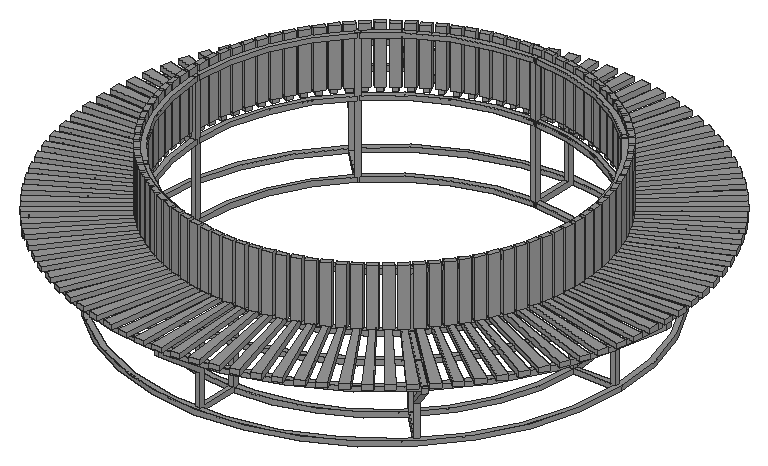
Revit family "Скамейка стальная «Диван круглый» Арт 11354", category Антураж, Revit 2018 (continued)
Definition of nested family "Скамейка стальная «Диван круглый» Арт 11354 R1000"
  Forms (mm)
    Extrusion 51, solid, material <- "Цыет лавки"
      sketch origin (1937.495, 351.928, 0) x (0.187381, 0.982287, 0) y (-0.982287, 0.187381, 0)
        loop
          line (1050, 2150) -> (1061.406, 1659.557) -> (1088.594, 1659.557) -> (1100, 2150) -> (1050, 2150)
      from 415 to 440
    Extrusion 52, solid, material <- "Цыет лавки"
      sketch origin (1937.495, 351.928, 0) x (0.187381, 0.982287, 0) y (-0.982287, 0.187381, 0)
        loop
          line (1050, 1674.557) -> (1050, 1649.557) -> (1100, 1649.557) -> (1100, 1674.557) -> (1050, 1674.557)
      from 440 to 745
    Extrusion 53, solid, material <- "Цыет лавки"
      sketch origin (2010.338, 380.143, 0) x (0.125333, 0.992115, 0) y (-0.992115, 0.125333, 0)
        loop
          line (1050, 2150) -> (1061.406, 1659.557) -> (1088.594, 1659.557) -> (1100, 2150) -> (1050, 2150)
      from 415 to 440
    Extrusion 54, solid, material <- "Цыет лавки"
      sketch origin (2010.338, 380.143, 0) x (0.125333, 0.992115, 0) y (-0.992115, 0.125333, 0)
        loop
          line (1050, 1674.557) -> (1050, 1649.557) -> (1100, 1649.557) -> (1100, 1674.557) -> (1050, 1674.557)
      from 440 to 745
    Extrusion 55, solid, material <- "Цыет лавки"
      sketch origin (2081.267, 412.877, 0) x (0.062791, 0.998027, 0) y (-0.998027, 0.062791, 0)
        loop
          line (1050, 2150) -> (1061.406, 1659.557) -> (1088.594, 1659.557) -> (1100, 2150) -> (1050, 2150)
      from 415 to 440
    Extrusion 56, solid, material <- "Цыет лавки"
      sketch origin (2081.267, 412.877, 0) x (0.062791, 0.998027, 0) y (-0.998027, 0.062791, 0)
        loop
          line (1050, 1674.557) -> (1050, 1649.557) -> (1100, 1649.557) -> (1100, 1674.557) -> (1050, 1674.557)
      from 440 to 745
    Extrusion 57, solid, material <- "Цыет лавки"
      sketch origin (2150, 450, 0) x (0, 1, 0) y (-1, 0, 0)
        loop
          line (1050, 2150) -> (1061.406, 1659.557) -> (1088.594, 1659.557) -> (1100, 2150) -> (1050, 2150)
      from 415 to 440
    Extrusion 58, solid, material <- "Цыет лавки"
      sketch origin (2150, 450, 0) x (0, 1, 0) y (-1, 0, 0)
        loop
          line (1050, 1674.557) -> (1050, 1649.557) -> (1100, 1649.557) -> (1100, 1674.557) -> (1050, 1674.557)
      from 440 to 745
    Extrusion 59, solid, material <- "Цыет лавки"
      sketch origin (2216.267, 491.365, 0) x (-0.062791, 0.998027, 0) y (-0.998027, -0.062791, 0)
        loop
          line (1050, 2150) -> (1061.406, 1659.557) -> (1088.594, 1659.557) -> (1100, 2150) -> (1050, 2150)
      from 415 to 440
    Extrusion 60, solid, material <- "Цыет лавки"
      sketch origin (2216.267, 491.365, 0) x (-0.062791, 0.998027, 0) y (-0.998027, -0.062791, 0)
        loop
          line (1050, 1674.557) -> (1050, 1649.557) -> (1100, 1649.557) -> (1100, 1674.557) -> (1050, 1674.557)
      from 440 to 745
    Extrusion 61, solid, material <- "Цыет лавки"
      sketch origin (2279.805, 536.81, 0) x (-0.125333, 0.992115, 0) y (-0.992115, -0.125333, 0)
        loop
          line (1050, 2150) -> (1061.406, 1659.557) -> (1088.594, 1659.557) -> (1100, 2150) -> (1050, 2150)
      from 415 to 440
    Extrusion 62, solid, material <- "Цыет лавки"
      sketch origin (2279.805, 536.81, 0) x (-0.125333, 0.992115, 0) y (-0.992115, -0.125333, 0)
        loop
          line (1050, 1674.557) -> (1050, 1649.557) -> (1100, 1649.557) -> (1100, 1674.557) -> (1050, 1674.557)
      from 440 to 745
    Extrusion 63, solid, material <- "Цыет лавки"
      sketch origin (2340.364, 586.155, 0) x (-0.187381, 0.982287, 0) y (-0.982287, -0.187381, 0)
        loop
          line (1050, 2150) -> (1061.406, 1659.557) -> (1088.594, 1659.557) -> (1100, 2150) -> (1050, 2150)
      from 415 to 440
    Extrusion 64, solid, material <- "Цыет лавки"
      sketch origin (2340.364, 586.155, 0) x (-0.187381, 0.982287, 0) y (-0.982287, -0.187381, 0)
        loop
          line (1050, 1674.557) -> (1050, 1649.557) -> (1100, 1649.557) -> (1100, 1674.557) -> (1050, 1674.557)
      from 440 to 745
    Extrusion 65, solid, material <- "Цыет лавки"
      sketch origin (2397.706, 639.204, 0) x (-0.24869, 0.968583, 0) y (-0.968583, -0.24869, 0)
        loop
          line (1050, 2150) -> (1061.406, 1659.557) -> (1088.594, 1659.557) -> (1100, 2150) -> (1050, 2150)
      from 415 to 440
    Extrusion 66, solid, material <- "Цыет лавки"
      sketch origin (2397.706, 639.204, 0) x (-0.24869, 0.968583, 0) y (-0.968583, -0.24869, 0)
        loop
          line (1050, 1674.557) -> (1050, 1649.557) -> (1100, 1649.557) -> (1100, 1674.557) -> (1050, 1674.557)
      from 440 to 745
    Extrusion 67, solid, material <- "Цыет лавки"
      sketch origin (2451.604, 695.75, 0) x (-0.309017, 0.951057, 0) y (-0.951057, -0.309017, 0)
        loop
          line (1050, 2150) -> (1061.406, 1659.557) -> (1088.594, 1659.557) -> (1100, 2150) -> (1050, 2150)
      from 415 to 440
    Extrusion 68, solid, material <- "Цыет лавки"
      sketch origin (2451.604, 695.75, 0) x (-0.309017, 0.951057, 0) y (-0.951057, -0.309017, 0)
        loop
          line (1050, 1674.557) -> (1050, 1649.557) -> (1100, 1649.557) -> (1100, 1674.557) -> (1050, 1674.557)
      from 440 to 745
    Extrusion 69, solid, material <- "Цыет лавки"
      sketch origin (2501.844, 755.568, 0) x (-0.368125, 0.929776, 0) y (-0.929776, -0.368125, 0)
        loop
          line (1050, 2150) -> (1061.406, 1659.557) -> (1088.594, 1659.557) -> (1100, 2150) -> (1050, 2150)
      from 415 to 440
    Extrusion 70, solid, material <- "Цыет лавки"
      sketch origin (2501.844, 755.568, 0) x (-0.368125, 0.929776, 0) y (-0.929776, -0.368125, 0)
        loop
          line (1050, 1674.557) -> (1050, 1649.557) -> (1100, 1649.557) -> (1100, 1674.557) -> (1050, 1674.557)
      from 440 to 745
    Extrusion 71, solid, material <- "Цыет лавки"
      sketch origin (2548.23, 818.423, 0) x (-0.425779, 0.904827, 0) y (-0.904827, -0.425779, 0)
        loop
          line (1050, 2150) -> (1061.406, 1659.557) -> (1088.594, 1659.557) -> (1100, 2150) -> (1050, 2150)
      from 415 to 440
    Extrusion 72, solid, material <- "Цыет лавки"
      sketch origin (2548.23, 818.423, 0) x (-0.425779, 0.904827, 0) y (-0.904827, -0.425779, 0)
        loop
          line (1050, 1674.557) -> (1050, 1649.557) -> (1100, 1649.557) -> (1100, 1674.557) -> (1050, 1674.557)
      from 440 to 745
    Extrusion 73, solid, material <- "Цыет лавки"
      sketch origin (2590.577, 884.066, 0) x (-0.481754, 0.876307, 0) y (-0.876307, -0.481754, 0)
        loop
          line (1050, 2150) -> (1061.406, 1659.557) -> (1088.594, 1659.557) -> (1100, 2150) -> (1050, 2150)
      from 415 to 440
    Extrusion 74, solid, material <- "Цыет лавки"
      sketch origin (2590.577, 884.066, 0) x (-0.481754, 0.876307, 0) y (-0.876307, -0.481754, 0)
        loop
          line (1050, 1674.557) -> (1050, 1649.557) -> (1100, 1649.557) -> (1100, 1674.557) -> (1050, 1674.557)
      from 440 to 745
    Extrusion 75, solid, material <- "Цыет лавки"
      sketch origin (2628.719, 952.239, 0) x (-0.535827, 0.844328, 0) y (-0.844328, -0.535827, 0)
        loop
          line (1050, 2150) -> (1061.406, 1659.557) -> (1088.594, 1659.557) -> (1100, 2150) -> (1050, 2150)
      from 415 to 440
    Extrusion 76, solid, material <- "Цыет лавки"
      sketch origin (2628.719, 952.239, 0) x (-0.535827, 0.844328, 0) y (-0.844328, -0.535827, 0)
        loop
          line (1050, 1674.557) -> (1050, 1649.557) -> (1100, 1649.557) -> (1100, 1674.557) -> (1050, 1674.557)
      from 440 to 745
    Extrusion 77, solid, material <- "Цыет лавки"
      sketch origin (2662.505, 1022.673, 0) x (-0.587785, 0.809017, 0) y (-0.809017, -0.587785, 0)
        loop
          line (1050, 2150) -> (1061.406, 1659.557) -> (1088.594, 1659.557) -> (1100, 2150) -> (1050, 2150)
      from 415 to 440
    Extrusion 78, solid, material <- "Цыет лавки"
      sketch origin (2662.505, 1022.673, 0) x (-0.587785, 0.809017, 0) y (-0.809017, -0.587785, 0)
        loop
          line (1050, 1674.557) -> (1050, 1649.557) -> (1100, 1649.557) -> (1100, 1674.557) -> (1050, 1674.557)
      from 440 to 745
    Extrusion 79, solid, material <- "Цыет лавки"
      sketch origin (2691.802, 1095.088, 0) x (-0.637424, 0.770513, 0) y (-0.770513, -0.637424, 0)
        loop
          line (1050, 2150) -> (1061.406, 1659.557) -> (1088.594, 1659.557) -> (1100, 2150) -> (1050, 2150)
      from 415 to 440
    Extrusion 80, solid, material <- "Цыет лавки"
      sketch origin (2691.802, 1095.088, 0) x (-0.637424, 0.770513, 0) y (-0.770513, -0.637424, 0)
        loop
          line (1050, 1674.557) -> (1050, 1649.557) -> (1100, 1649.557) -> (1100, 1674.557) -> (1050, 1674.557)
      from 440 to 745
    Extrusion 81, solid, material <- "Цыет лавки"
      sketch origin (2716.494, 1169.201, 0) x (-0.684547, 0.728969, 0) y (-0.728969, -0.684547, 0)
        loop
          line (1050, 2150) -> (1061.406, 1659.557) -> (1088.594, 1659.557) -> (1100, 2150) -> (1050, 2150)
      from 415 to 440
    Extrusion 82, solid, material <- "Цыет лавки"
      sketch origin (2716.494, 1169.201, 0) x (-0.684547, 0.728969, 0) y (-0.728969, -0.684547, 0)
        loop
          line (1050, 1674.557) -> (1050, 1649.557) -> (1100, 1649.557) -> (1100, 1674.557) -> (1050, 1674.557)
      from 440 to 745
    Extrusion 83, solid, material <- "Цыет лавки"
      sketch origin (2736.483, 1244.717, 0) x (-0.728969, 0.684547, 0) y (-0.684547, -0.728969, 0)
        loop
          line (1050, 2150) -> (1061.406, 1659.557) -> (1088.594, 1659.557) -> (1100, 2150) -> (1050, 2150)
      from 415 to 440
    Extrusion 84, solid, material <- "Цыет лавки"
      sketch origin (2736.483, 1244.717, 0) x (-0.728969, 0.684547, 0) y (-0.684547, -0.728969, 0)
        loop
          line (1050, 1674.557) -> (1050, 1649.557) -> (1100, 1649.557) -> (1100, 1674.557) -> (1050, 1674.557)
      from 440 to 745
    Extrusion 85, solid, material <- "Цыет лавки"
      sketch origin (2751.692, 1321.34, 0) x (-0.770513, 0.637424, 0) y (-0.637424, -0.770513, 0)
        loop
          line (1050, 2150) -> (1061.406, 1659.557) -> (1088.594, 1659.557) -> (1100, 2150) -> (1050, 2150)
      from 415 to 440
    Extrusion 86, solid, material <- "Цыет лавки"
      sketch origin (2751.692, 1321.34, 0) x (-0.770513, 0.637424, 0) y (-0.637424, -0.770513, 0)
        loop
          line (1050, 1674.557) -> (1050, 1649.557) -> (1100, 1649.557) -> (1100, 1674.557) -> (1050, 1674.557)
      from 440 to 745
    Extrusion 87, solid, material <- "Цыет лавки"
      sketch origin (2762.059, 1398.766, 0) x (-0.809017, 0.587785, 0) y (-0.587785, -0.809017, 0)
        loop
          line (1050, 2150) -> (1061.406, 1659.557) -> (1088.594, 1659.557) -> (1100, 2150) -> (1050, 2150)
      from 415 to 440
    Extrusion 88, solid, material <- "Цыет лавки"
      sketch origin (2762.059, 1398.766, 0) x (-0.809017, 0.587785, 0) y (-0.587785, -0.809017, 0)
        loop
          line (1050, 1674.557) -> (1050, 1649.557) -> (1100, 1649.557) -> (1100, 1674.557) -> (1050, 1674.557)
      from 440 to 745
    Extrusion 89, solid, material <- "Цыет лавки"
      sketch origin (2767.544, 1476.691, 0) x (-0.844328, 0.535827, 0) y (-0.535827, -0.844328, 0)
        loop
          line (1050, 2150) -> (1061.406, 1659.557) -> (1088.594, 1659.557) -> (1100, 2150) -> (1050, 2150)
      from 415 to 440
    Extrusion 90, solid, material <- "Цыет лавки"
      sketch origin (2767.544, 1476.691, 0) x (-0.844328, 0.535827, 0) y (-0.535827, -0.844328, 0)
        loop
          line (1050, 1674.557) -> (1050, 1649.557) -> (1100, 1649.557) -> (1100, 1674.557) -> (1050, 1674.557)
      from 440 to 745
    Extrusion 91, solid, material <- "Цыет лавки"
      sketch origin (2768.126, 1554.806, 0) x (-0.876307, 0.481754, 0) y (-0.481754, -0.876307, 0)
        loop
          line (1050, 2150) -> (1061.406, 1659.557) -> (1088.594, 1659.557) -> (1100, 2150) -> (1050, 2150)
      from 415 to 440
    Extrusion 92, solid, material <- "Цыет лавки"
      sketch origin (2768.126, 1554.806, 0) x (-0.876307, 0.481754, 0) y (-0.481754, -0.876307, 0)
        loop
          line (1050, 1674.557) -> (1050, 1649.557) -> (1100, 1649.557) -> (1100, 1674.557) -> (1050, 1674.557)
      from 440 to 745
    Extrusion 93, solid, material <- "Цыет лавки"
      sketch origin (2763.801, 1632.804, 0) x (-0.904827, 0.425779, 0) y (-0.425779, -0.904827, 0)
        loop
          line (1050, 2150) -> (1061.406, 1659.557) -> (1088.594, 1659.557) -> (1100, 2150) -> (1050, 2150)
      from 415 to 440
    Extrusion 94, solid, material <- "Цыет лавки"
      sketch origin (2763.801, 1632.804, 0) x (-0.904827, 0.425779, 0) y (-0.425779, -0.904827, 0)
        loop
          line (1050, 1674.557) -> (1050, 1649.557) -> (1100, 1649.557) -> (1100, 1674.557) -> (1050, 1674.557)
      from 440 to 745
    Extrusion 95, solid, material <- "Цыет лавки"
      sketch origin (2754.588, 1710.376, 0) x (-0.929776, 0.368125, 0) y (-0.368125, -0.929776, 0)
        loop
          line (1050, 2150) -> (1061.406, 1659.557) -> (1088.594, 1659.557) -> (1100, 2150) -> (1050, 2150)
      from 415 to 440
    Extrusion 96, solid, material <- "Цыет лавки"
      sketch origin (2754.588, 1710.376, 0) x (-0.929776, 0.368125, 0) y (-0.368125, -0.929776, 0)
        loop
          line (1050, 1674.557) -> (1050, 1649.557) -> (1100, 1649.557) -> (1100, 1674.557) -> (1050, 1674.557)
      from 440 to 745
    Extrusion 97, solid, material <- "Цыет лавки"
      sketch origin (2740.521, 1787.217, 0) x (-0.951057, 0.309017, 0) y (-0.309017, -0.951057, 0)
        loop
          line (1050, 2150) -> (1061.406, 1659.557) -> (1088.594, 1659.557) -> (1100, 2150) -> (1050, 2150)
      from 415 to 440
    Extrusion 98, solid, material <- "Цыет лавки"
      sketch origin (2740.521, 1787.217, 0) x (-0.951057, 0.309017, 0) y (-0.309017, -0.951057, 0)
        loop
          line (1050, 1674.557) -> (1050, 1649.557) -> (1100, 1649.557) -> (1100, 1674.557) -> (1050, 1674.557)
      from 440 to 745
    Extrusion 99, solid, material <- "Цыет лавки"
      sketch origin (2721.658, 1863.023, 0) x (-0.968583, 0.24869, 0) y (-0.24869, -0.968583, 0)
        loop
          line (1050, 2150) -> (1061.406, 1659.557) -> (1088.594, 1659.557) -> (1100, 2150) -> (1050, 2150)
      from 415 to 440
    Extrusion 100, solid, material <- "Цыет лавки"
      sketch origin (2721.658, 1863.023, 0) x (-0.968583, 0.24869, 0) y (-0.24869, -0.968583, 0)
        loop
          line (1050, 1674.557) -> (1050, 1649.557) -> (1100, 1649.557) -> (1100, 1674.557) -> (1050, 1674.557)
      from 440 to 745
    Extrusion 101, solid, material <- "Цыет лавки"
      sketch origin (2698.072, 1937.495, 0) x (-0.982287, 0.187381, 0) y (-0.187381, -0.982287, 0)
        loop
          line (1050, 2150) -> (1061.406, 1659.557) -> (1088.594, 1659.557) -> (1100, 2150) -> (1050, 2150)
      from 415 to 440
    Extrusion 102, solid, material <- "Цыет лавки"
      sketch origin (2698.072, 1937.495, 0) x (-0.982287, 0.187381, 0) y (-0.187381, -0.982287, 0)
        loop
          line (1050, 1674.557) -> (1050, 1649.557) -> (1100, 1649.557) -> (1100, 1674.557) -> (1050, 1674.557)
      from 440 to 745
    Extrusion 103, solid, material <- "Цыет лавки"
      sketch origin (2669.857, 2010.338, 0) x (-0.992115, 0.125333, 0) y (-0.125333, -0.992115, 0)
        loop
          line (1050, 2150) -> (1061.406, 1659.557) -> (1088.594, 1659.557) -> (1100, 2150) -> (1050, 2150)
      from 415 to 440
    Extrusion 104, solid, material <- "Цыет лавки"
      sketch origin (2669.857, 2010.338, 0) x (-0.992115, 0.125333, 0) y (-0.125333, -0.992115, 0)
        loop
          line (1050, 1674.557) -> (1050, 1649.557) -> (1100, 1649.557) -> (1100, 1674.557) -> (1050, 1674.557)
      from 440 to 745
    Extrusion 105, solid, material <- "Цыет лавки"
      sketch origin (2637.123, 2081.267, 0) x (-0.998027, 0.062791, 0) y (-0.062791, -0.998027, 0)
        loop
          line (1050, 2150) -> (1061.406, 1659.557) -> (1088.594, 1659.557) -> (1100, 2150) -> (1050, 2150)
      from 415 to 440
    Extrusion 106, solid, material <- "Цыет лавки"
      sketch origin (2637.123, 2081.267, 0) x (-0.998027, 0.062791, 0) y (-0.062791, -0.998027, 0)
        loop
          line (1050, 1674.557) -> (1050, 1649.557) -> (1100, 1649.557) -> (1100, 1674.557) -> (1050, 1674.557)
      from 440 to 745
    Extrusion 107, solid, material <- "Цыет лавки"
      sketch origin (2558.635, 833.733, 0) x (-0.998027, 0.062791, 0) y (-0.062791, -0.998027, 0)
        loop
          line (1050, -2150) -> (1100, -2150) -> (1088.594, -1659.557) -> (1061.406, -1659.557) -> (1050, -2150)
      from 415 to 440
    Extrusion 108, solid, material <- "Цыет лавки"
      sketch origin (2558.635, 833.733, 0) x (-0.998027, 0.062791, 0) y (-0.062791, -0.998027, 0)
        loop
          line (1050, -1674.557) -> (1100, -1674.557) -> (1100, -1649.557) -> (1050, -1649.557) -> (1050, -1674.557)
      from 440 to 745
    Extrusion 109, solid, material <- "Цыет лавки"
      sketch origin (2513.19, 770.195, 0) x (-0.992115, 0.125333, 0) y (-0.125333, -0.992115, 0)
        loop
          line (1050, -2150) -> (1100, -2150) -> (1088.594, -1659.557) -> (1061.406, -1659.557) -> (1050, -2150)
      from 415 to 440
    Extrusion 110, solid, material <- "Цыет лавки"
      sketch origin (2513.19, 770.195, 0) x (-0.992115, 0.125333, 0) y (-0.125333, -0.992115, 0)
        loop
          line (1050, -1674.557) -> (1100, -1674.557) -> (1100, -1649.557) -> (1050, -1649.557) -> (1050, -1674.557)
      from 440 to 745
    Extrusion 111, solid, material <- "Цыет лавки"
      sketch origin (2463.845, 709.636, 0) x (-0.982287, 0.187381, 0) y (-0.187381, -0.982287, 0)
        loop
          line (1050, -2150) -> (1100, -2150) -> (1088.594, -1659.557) -> (1061.406, -1659.557) -> (1050, -2150)
      from 415 to 440
    Extrusion 112, solid, material <- "Цыет лавки"
      sketch origin (2463.845, 709.636, 0) x (-0.982287, 0.187381, 0) y (-0.187381, -0.982287, 0)
        loop
          line (1050, -1674.557) -> (1100, -1674.557) -> (1100, -1649.557) -> (1050, -1649.557) -> (1050, -1674.557)
      from 440 to 745
    Extrusion 113, solid, material <- "Цыет лавки"
      sketch origin (2410.796, 652.294, 0) x (-0.968583, 0.24869, 0) y (-0.24869, -0.968583, 0)
        loop
          line (1050, -2150) -> (1100, -2150) -> (1088.594, -1659.557) -> (1061.406, -1659.557) -> (1050, -2150)
      from 415 to 440
    Extrusion 114, solid, material <- "Цыет лавки"
      sketch origin (2410.796, 652.294, 0) x (-0.968583, 0.24869, 0) y (-0.24869, -0.968583, 0)
        loop
          line (1050, -1674.557) -> (1100, -1674.557) -> (1100, -1649.557) -> (1050, -1649.557) -> (1050, -1674.557)
      from 440 to 745
    Extrusion 115, solid, material <- "Цыет лавки"
      sketch origin (2354.25, 598.396, 0) x (-0.951057, 0.309017, 0) y (-0.309017, -0.951057, 0)
        loop
          line (1050, -2150) -> (1100, -2150) -> (1088.594, -1659.557) -> (1061.406, -1659.557) -> (1050, -2150)
      from 415 to 440
    Extrusion 116, solid, material <- "Цыет лавки"
      sketch origin (2354.25, 598.396, 0) x (-0.951057, 0.309017, 0) y (-0.309017, -0.951057, 0)
        loop
          line (1050, -1674.557) -> (1100, -1674.557) -> (1100, -1649.557) -> (1050, -1649.557) -> (1050, -1674.557)
      from 440 to 745
    Extrusion 117, solid, material <- "Цыет лавки"
      sketch origin (2294.432, 548.156, 0) x (-0.929776, 0.368125, 0) y (-0.368125, -0.929776, 0)
        loop
          line (1050, -2150) -> (1100, -2150) -> (1088.594, -1659.557) -> (1061.406, -1659.557) -> (1050, -2150)
      from 415 to 440
    Extrusion 118, solid, material <- "Цыет лавки"
      sketch origin (2294.432, 548.156, 0) x (-0.929776, 0.368125, 0) y (-0.368125, -0.929776, 0)
        loop
          line (1050, -1674.557) -> (1100, -1674.557) -> (1100, -1649.557) -> (1050, -1649.557) -> (1050, -1674.557)
      from 440 to 745
    Extrusion 119, solid, material <- "Цыет лавки"
      sketch origin (2231.577, 501.77, 0) x (-0.904827, 0.425779, 0) y (-0.425779, -0.904827, 0)
        loop
          line (1050, -2150) -> (1100, -2150) -> (1088.594, -1659.557) -> (1061.406, -1659.557) -> (1050, -2150)
      from 415 to 440
    Extrusion 120, solid, material <- "Цыет лавки"
      sketch origin (2231.577, 501.77, 0) x (-0.904827, 0.425779, 0) y (-0.425779, -0.904827, 0)
        loop
          line (1050, -1674.557) -> (1100, -1674.557) -> (1100, -1649.557) -> (1050, -1649.557) -> (1050, -1674.557)
      from 440 to 745
    Extrusion 121, solid, material <- "Цыет лавки"
      sketch origin (2165.934, 459.423, 0) x (-0.876307, 0.481754, 0) y (-0.481754, -0.876307, 0)
        loop
          line (1050, -2150) -> (1100, -2150) -> (1088.594, -1659.557) -> (1061.406, -1659.557) -> (1050, -2150)
      from 415 to 440
    Extrusion 122, solid, material <- "Цыет лавки"
      sketch origin (2165.934, 459.423, 0) x (-0.876307, 0.481754, 0) y (-0.481754, -0.876307, 0)
        loop
          line (1050, -1674.557) -> (1100, -1674.557) -> (1100, -1649.557) -> (1050, -1649.557) -> (1050, -1674.557)
      from 440 to 745
    Extrusion 123, solid, material <- "Цыет лавки"
      sketch origin (2097.761, 421.281, 0) x (-0.844328, 0.535827, 0) y (-0.535827, -0.844328, 0)
        loop
          line (1050, -2150) -> (1100, -2150) -> (1088.594, -1659.557) -> (1061.406, -1659.557) -> (1050, -2150)
      from 415 to 440
    Extrusion 124, solid, material <- "Цыет лавки"
      sketch origin (2097.761, 421.281, 0) x (-0.844328, 0.535827, 0) y (-0.535827, -0.844328, 0)
        loop
          line (1050, -1674.557) -> (1100, -1674.557) -> (1100, -1649.557) -> (1050, -1649.557) -> (1050, -1674.557)
      from 440 to 745
    Extrusion 125, solid, material <- "Цыет лавки"
      sketch origin (2027.327, 387.495, 0) x (-0.809017, 0.587785, 0) y (-0.587785, -0.809017, 0)
        loop
          line (1050, -2150) -> (1100, -2150) -> (1088.594, -1659.557) -> (1061.406, -1659.557) -> (1050, -2150)
      from 415 to 440
    Extrusion 126, solid, material <- "Цыет лавки"
      sketch origin (2027.327, 387.495, 0) x (-0.809017, 0.587785, 0) y (-0.587785, -0.809017, 0)
        loop
          line (1050, -1674.557) -> (1100, -1674.557) -> (1100, -1649.557) -> (1050, -1649.557) -> (1050, -1674.557)
      from 440 to 745
    Extrusion 127, solid, material <- "Цыет лавки"
      sketch origin (1954.912, 358.198, 0) x (-0.770513, 0.637424, 0) y (-0.637424, -0.770513, 0)
        loop
          line (1050, -2150) -> (1100, -2150) -> (1088.594, -1659.557) -> (1061.406, -1659.557) -> (1050, -2150)
      from 415 to 440
    Extrusion 128, solid, material <- "Цыет лавки"
      sketch origin (1954.912, 358.198, 0) x (-0.770513, 0.637424, 0) y (-0.637424, -0.770513, 0)
        loop
          line (1050, -1674.557) -> (1100, -1674.557) -> (1100, -1649.557) -> (1050, -1649.557) -> (1050, -1674.557)
      from 440 to 745
    Extrusion 129, solid, material <- "Цыет лавки"
      sketch origin (1880.799, 333.506, 0) x (-0.728969, 0.684547, 0) y (-0.684547, -0.728969, 0)
        loop
          line (1050, -2150) -> (1100, -2150) -> (1088.594, -1659.557) -> (1061.406, -1659.557) -> (1050, -2150)
      from 415 to 440
    Extrusion 130, solid, material <- "Цыет лавки"
      sketch origin (1880.799, 333.506, 0) x (-0.728969, 0.684547, 0) y (-0.684547, -0.728969, 0)
        loop
          line (1050, -1674.557) -> (1100, -1674.557) -> (1100, -1649.557) -> (1050, -1649.557) -> (1050, -1674.557)
      from 440 to 745
    Extrusion 131, solid, material <- "Цыет лавки"
      sketch origin (1805.283, 313.517, 0) x (-0.684547, 0.728969, 0) y (-0.728969, -0.684547, 0)
        loop
          line (1050, -2150) -> (1100, -2150) -> (1088.594, -1659.557) -> (1061.406, -1659.557) -> (1050, -2150)
      from 415 to 440
    Extrusion 132, solid, material <- "Цыет лавки"
      sketch origin (1805.283, 313.517, 0) x (-0.684547, 0.728969, 0) y (-0.728969, -0.684547, 0)
        loop
          line (1050, -1674.557) -> (1100, -1674.557) -> (1100, -1649.557) -> (1050, -1649.557) -> (1050, -1674.557)
      from 440 to 745
    Extrusion 133, solid, material <- "Цыет лавки"
      sketch origin (1728.66, 298.308, 0) x (-0.637424, 0.770513, 0) y (-0.770513, -0.637424, 0)
        loop
          line (1050, -2150) -> (1100, -2150) -> (1088.594, -1659.557) -> (1061.406, -1659.557) -> (1050, -2150)
      from 415 to 440
    Extrusion 134, solid, material <- "Цыет лавки"
      sketch origin (1728.66, 298.308, 0) x (-0.637424, 0.770513, 0) y (-0.770513, -0.637424, 0)
        loop
          line (1050, -1674.557) -> (1100, -1674.557) -> (1100, -1649.557) -> (1050, -1649.557) -> (1050, -1674.557)
      from 440 to 745
    Extrusion 135, solid, material <- "Цыет лавки"
      sketch origin (1651.234, 287.941, 0) x (-0.587785, 0.809017, 0) y (-0.809017, -0.587785, 0)
        loop
          line (1050, -2150) -> (1100, -2150) -> (1088.594, -1659.557) -> (1061.406, -1659.557) -> (1050, -2150)
      from 415 to 440
    Extrusion 136, solid, material <- "Цыет лавки"
      sketch origin (1651.234, 287.941, 0) x (-0.587785, 0.809017, 0) y (-0.809017, -0.587785, 0)
        loop
          line (1050, -1674.557) -> (1100, -1674.557) -> (1100, -1649.557) -> (1050, -1649.557) -> (1050, -1674.557)
      from 440 to 745
    Extrusion 137, solid, material <- "Цыет лавки"
      sketch origin (1573.309, 282.456, 0) x (-0.535827, 0.844328, 0) y (-0.844328, -0.535827, 0)
        loop
          line (1050, -2150) -> (1100, -2150) -> (1088.594, -1659.557) -> (1061.406, -1659.557) -> (1050, -2150)
      from 415 to 440
    Extrusion 138, solid, material <- "Цыет лавки"
      sketch origin (1573.309, 282.456, 0) x (-0.535827, 0.844328, 0) y (-0.844328, -0.535827, 0)
        loop
          line (1050, -1674.557) -> (1100, -1674.557) -> (1100, -1649.557) -> (1050, -1649.557) -> (1050, -1674.557)
      from 440 to 745
    Extrusion 139, solid, material <- "Цыет лавки"
      sketch origin (1495.194, 281.874, 0) x (-0.481754, 0.876307, 0) y (-0.876307, -0.481754, 0)
        loop
          line (1050, -2150) -> (1100, -2150) -> (1088.594, -1659.557) -> (1061.406, -1659.557) -> (1050, -2150)
      from 415 to 440
    Extrusion 140, solid, material <- "Цыет лавки"
      sketch origin (1495.194, 281.874, 0) x (-0.481754, 0.876307, 0) y (-0.876307, -0.481754, 0)
        loop
          line (1050, -1674.557) -> (1100, -1674.557) -> (1100, -1649.557) -> (1050, -1649.557) -> (1050, -1674.557)
      from 440 to 745
    Extrusion 141, solid, material <- "Цыет лавки"
      sketch origin (1417.196, 286.199, 0) x (-0.425779, 0.904827, 0) y (-0.904827, -0.425779, 0)
        loop
          line (1050, -2150) -> (1100, -2150) -> (1088.594, -1659.557) -> (1061.406, -1659.557) -> (1050, -2150)
      from 415 to 440
    Extrusion 142, solid, material <- "Цыет лавки"
      sketch origin (1417.196, 286.199, 0) x (-0.425779, 0.904827, 0) y (-0.904827, -0.425779, 0)
        loop
          line (1050, -1674.557) -> (1100, -1674.557) -> (1100, -1649.557) -> (1050, -1649.557) -> (1050, -1674.557)
      from 440 to 745
    Extrusion 143, solid, material <- "Цыет лавки"
      sketch origin (1339.624, 295.412, 0) x (-0.368125, 0.929776, 0) y (-0.929776, -0.368125, 0)
        loop
          line (1050, -2150) -> (1100, -2150) -> (1088.594, -1659.557) -> (1061.406, -1659.557) -> (1050, -2150)
      from 415 to 440
    Extrusion 144, solid, material <- "Цыет лавки"
      sketch origin (1339.624, 295.412, 0) x (-0.368125, 0.929776, 0) y (-0.929776, -0.368125, 0)
        loop
          line (1050, -1674.557) -> (1100, -1674.557) -> (1100, -1649.557) -> (1050, -1649.557) -> (1050, -1674.557)
      from 440 to 745
    Extrusion 145, solid, material <- "Цыет лавки"
      sketch origin (1262.783, 309.479, 0) x (-0.309017, 0.951057, 0) y (-0.951057, -0.309017, 0)
        loop
          line (1050, -2150) -> (1100, -2150) -> (1088.594, -1659.557) -> (1061.406, -1659.557) -> (1050, -2150)
      from 415 to 440
    Extrusion 146, solid, material <- "Цыет лавки"
      sketch origin (1262.783, 309.479, 0) x (-0.309017, 0.951057, 0) y (-0.951057, -0.309017, 0)
        loop
          line (1050, -1674.557) -> (1100, -1674.557) -> (1100, -1649.557) -> (1050, -1649.557) -> (1050, -1674.557)
      from 440 to 745
    Extrusion 147, solid, material <- "Цыет лавки"
      sketch origin (1186.977, 328.342, 0) x (-0.24869, 0.968583, 0) y (-0.968583, -0.24869, 0)
        loop
          line (1050, -2150) -> (1100, -2150) -> (1088.594, -1659.557) -> (1061.406, -1659.557) -> (1050, -2150)
      from 415 to 440
    Extrusion 148, solid, material <- "Цыет лавки"
      sketch origin (1186.977, 328.342, 0) x (-0.24869, 0.968583, 0) y (-0.968583, -0.24869, 0)
        loop
          line (1050, -1674.557) -> (1100, -1674.557) -> (1100, -1649.557) -> (1050, -1649.557) -> (1050, -1674.557)
      from 440 to 745
    Extrusion 149, solid, material <- "Цыет лавки"
      sketch origin (1112.505, 351.928, 0) x (-0.187381, 0.982287, 0) y (-0.982287, -0.187381, 0)
        loop
          line (1050, -2150) -> (1100, -2150) -> (1088.594, -1659.557) -> (1061.406, -1659.557) -> (1050, -2150)
      from 415 to 440
    Extrusion 150, solid, material <- "Цыет лавки"
      sketch origin (1112.505, 351.928, 0) x (-0.187381, 0.982287, 0) y (-0.982287, -0.187381, 0)
        loop
          line (1050, -1674.557) -> (1100, -1674.557) -> (1100, -1649.557) -> (1050, -1649.557) -> (1050, -1674.557)
      from 440 to 745
    Extrusion 151, solid, material <- "Цыет лавки"
      sketch origin (1039.662, 380.143, 0) x (-0.125333, 0.992115, 0) y (-0.992115, -0.125333, 0)
        loop
          line (1050, -2150) -> (1100, -2150) -> (1088.594, -1659.557) -> (1061.406, -1659.557) -> (1050, -2150)
      from 415 to 440
    Extrusion 152, solid, material <- "Цыет лавки"
      sketch origin (1039.662, 380.143, 0) x (-0.125333, 0.992115, 0) y (-0.992115, -0.125333, 0)
        loop
          line (1050, -1674.557) -> (1100, -1674.557) -> (1100, -1649.557) -> (1050, -1649.557) -> (1050, -1674.557)
      from 440 to 745
    Extrusion 153, solid, material <- "Цыет лавки"
      sketch origin (968.733, 412.877, 0) x (-0.062791, 0.998027, 0) y (-0.998027, -0.062791, 0)
        loop
          line (1050, -2150) -> (1100, -2150) -> (1088.594, -1659.557) -> (1061.406, -1659.557) -> (1050, -2150)
      from 415 to 440
    Extrusion 154, solid, material <- "Цыет лавки"
      sketch origin (968.733, 412.877, 0) x (-0.062791, 0.998027, 0) y (-0.998027, -0.062791, 0)
        loop
          line (1050, -1674.557) -> (1100, -1674.557) -> (1100, -1649.557) -> (1050, -1649.557) -> (1050, -1674.557)
      from 440 to 745
    Extrusion 155, solid, material <- "Цыет лавки"
      sketch origin (900, 450, 0) x (0, 1, 0) y (-1, 0, 0)
        loop
          line (1050, -2150) -> (1100, -2150) -> (1088.594, -1659.557) -> (1061.406, -1659.557) -> (1050, -2150)
      from 415 to 440
    Extrusion 156, solid, material <- "Цыет лавки"
      sketch origin (900, 450, 0) x (0, 1, 0) y (-1, 0, 0)
        loop
          line (1050, -1674.557) -> (1100, -1674.557) -> (1100, -1649.557) -> (1050, -1649.557) -> (1050, -1674.557)
      from 440 to 745
    Extrusion 157, solid, material <- "Цыет лавки"
      sketch origin (833.733, 491.365, 0) x (0.062791, 0.998027, 0) y (-0.998027, 0.062791, 0)
        loop
          line (1050, -2150) -> (1100, -2150) -> (1088.594, -1659.557) -> (1061.406, -1659.557) -> (1050, -2150)
      from 415 to 440
    Extrusion 158, solid, material <- "Цыет лавки"
      sketch origin (833.733, 491.365, 0) x (0.062791, 0.998027, 0) y (-0.998027, 0.062791, 0)
        loop
          line (1050, -1674.557) -> (1100, -1674.557) -> (1100, -1649.557) -> (1050, -1649.557) -> (1050, -1674.557)
      from 440 to 745
    Extrusion 159, solid, material <- "Цыет лавки"
      sketch origin (770.195, 536.81, 0) x (0.125333, 0.992115, 0) y (-0.992115, 0.125333, 0)
        loop
          line (1050, -2150) -> (1100, -2150) -> (1088.594, -1659.557) -> (1061.406, -1659.557) -> (1050, -2150)
      from 415 to 440
    Extrusion 160, solid, material <- "Цыет лавки"
      sketch origin (770.195, 536.81, 0) x (0.125333, 0.992115, 0) y (-0.992115, 0.125333, 0)
        loop
          line (1050, -1674.557) -> (1100, -1674.557) -> (1100, -1649.557) -> (1050, -1649.557) -> (1050, -1674.557)
      from 440 to 745
    Extrusion 161, solid, material <- "Цыет лавки"
      sketch origin (709.636, 586.155, 0) x (0.187381, 0.982287, 0) y (-0.982287, 0.187381, 0)
        loop
          line (1050, -2150) -> (1100, -2150) -> (1088.594, -1659.557) -> (1061.406, -1659.557) -> (1050, -2150)
      from 415 to 440
    Extrusion 162, solid, material <- "Цыет лавки"
      sketch origin (709.636, 586.155, 0) x (0.187381, 0.982287, 0) y (-0.982287, 0.187381, 0)
        loop
          line (1050, -1674.557) -> (1100, -1674.557) -> (1100, -1649.557) -> (1050, -1649.557) -> (1050, -1674.557)
      from 440 to 745
    Extrusion 163, solid, material <- "Цыет лавки"
      sketch origin (652.294, 639.204, 0) x (0.24869, 0.968583, 0) y (-0.968583, 0.24869, 0)
        loop
          line (1050, -2150) -> (1100, -2150) -> (1088.594, -1659.557) -> (1061.406, -1659.557) -> (1050, -2150)
      from 415 to 440
    Extrusion 164, solid, material <- "Цыет лавки"
      sketch origin (652.294, 639.204, 0) x (0.24869, 0.968583, 0) y (-0.968583, 0.24869, 0)
        loop
          line (1050, -1674.557) -> (1100, -1674.557) -> (1100, -1649.557) -> (1050, -1649.557) -> (1050, -1674.557)
      from 440 to 745
    Extrusion 165, solid, material <- "Цыет лавки"
      sketch origin (598.396, 695.75, 0) x (0.309017, 0.951057, 0) y (-0.951057, 0.309017, 0)
        loop
          line (1050, -2150) -> (1100, -2150) -> (1088.594, -1659.557) -> (1061.406, -1659.557) -> (1050, -2150)
      from 415 to 440
    Extrusion 166, solid, material <- "Цыет лавки"
      sketch origin (598.396, 695.75, 0) x (0.309017, 0.951057, 0) y (-0.951057, 0.309017, 0)
        loop
          line (1050, -1674.557) -> (1100, -1674.557) -> (1100, -1649.557) -> (1050, -1649.557) -> (1050, -1674.557)
      from 440 to 745
    Extrusion 167, solid, material <- "Цыет лавки"
      sketch origin (548.156, 755.568, 0) x (0.368125, 0.929776, 0) y (-0.929776, 0.368125, 0)
        loop
          line (1050, -2150) -> (1100, -2150) -> (1088.594, -1659.557) -> (1061.406, -1659.557) -> (1050, -2150)
      from 415 to 440
    Extrusion 168, solid, material <- "Цыет лавки"
      sketch origin (548.156, 755.568, 0) x (0.368125, 0.929776, 0) y (-0.929776, 0.368125, 0)
        loop
          line (1050, -1674.557) -> (1100, -1674.557) -> (1100, -1649.557) -> (1050, -1649.557) -> (1050, -1674.557)
      from 440 to 745
    Extrusion 169, solid, material <- "Цыет лавки"
      sketch origin (501.77, 818.423, 0) x (0.425779, 0.904827, 0) y (-0.904827, 0.425779, 0)
        loop
          line (1050, -2150) -> (1100, -2150) -> (1088.594, -1659.557) -> (1061.406, -1659.557) -> (1050, -2150)
      from 415 to 440
    Extrusion 170, solid, material <- "Цыет лавки"
      sketch origin (501.77, 818.423, 0) x (0.425779, 0.904827, 0) y (-0.904827, 0.425779, 0)
        loop
          line (1050, -1674.557) -> (1100, -1674.557) -> (1100, -1649.557) -> (1050, -1649.557) -> (1050, -1674.557)
      from 440 to 745
    Extrusion 171, solid, material <- "Цыет лавки"
      sketch origin (459.423, 884.066, 0) x (0.481754, 0.876307, 0) y (-0.876307, 0.481754, 0)
        loop
          line (1050, -2150) -> (1100, -2150) -> (1088.594, -1659.557) -> (1061.406, -1659.557) -> (1050, -2150)
      from 415 to 440
    Extrusion 172, solid, material <- "Цыет лавки"
      sketch origin (459.423, 884.066, 0) x (0.481754, 0.876307, 0) y (-0.876307, 0.481754, 0)
        loop
          line (1050, -1674.557) -> (1100, -1674.557) -> (1100, -1649.557) -> (1050, -1649.557) -> (1050, -1674.557)
      from 440 to 745
    Extrusion 173, solid, material <- "Цыет лавки"
      sketch origin (421.281, 952.239, 0) x (0.535827, 0.844328, 0) y (-0.844328, 0.535827, 0)
        loop
          line (1050, -2150) -> (1100, -2150) -> (1088.594, -1659.557) -> (1061.406, -1659.557) -> (1050, -2150)
      from 415 to 440
    Extrusion 174, solid, material <- "Цыет лавки"
      sketch origin (421.281, 952.239, 0) x (0.535827, 0.844328, 0) y (-0.844328, 0.535827, 0)
        loop
          line (1050, -1674.557) -> (1100, -1674.557) -> (1100, -1649.557) -> (1050, -1649.557) -> (1050, -1674.557)
      from 440 to 745
    Extrusion 175, solid, material <- "Цыет лавки"
      sketch origin (387.495, 1022.673, 0) x (0.587785, 0.809017, 0) y (-0.809017, 0.587785, 0)
        loop
          line (1050, -2150) -> (1100, -2150) -> (1088.594, -1659.557) -> (1061.406, -1659.557) -> (1050, -2150)
      from 415 to 440
    Extrusion 176, solid, material <- "Цыет лавки"
      sketch origin (387.495, 1022.673, 0) x (0.587785, 0.809017, 0) y (-0.809017, 0.587785, 0)
        loop
          line (1050, -1674.557) -> (1100, -1674.557) -> (1100, -1649.557) -> (1050, -1649.557) -> (1050, -1674.557)
      from 440 to 745
    Extrusion 177, solid, material <- "Цыет лавки"
      sketch origin (358.198, 1095.088, 0) x (0.637424, 0.770513, 0) y (-0.770513, 0.637424, 0)
        loop
          line (1050, -2150) -> (1100, -2150) -> (1088.594, -1659.557) -> (1061.406, -1659.557) -> (1050, -2150)
      from 415 to 440
    Extrusion 178, solid, material <- "Цыет лавки"
      sketch origin (358.198, 1095.088, 0) x (0.637424, 0.770513, 0) y (-0.770513, 0.637424, 0)
        loop
          line (1050, -1674.557) -> (1100, -1674.557) -> (1100, -1649.557) -> (1050, -1649.557) -> (1050, -1674.557)
      from 440 to 745
    Extrusion 179, solid, material <- "Цыет лавки"
      sketch origin (333.506, 1169.201, 0) x (0.684547, 0.728969, 0) y (-0.728969, 0.684547, 0)
        loop
          line (1050, -2150) -> (1100, -2150) -> (1088.594, -1659.557) -> (1061.406, -1659.557) -> (1050, -2150)
      from 415 to 440
    Extrusion 180, solid, material <- "Цыет лавки"
      sketch origin (333.506, 1169.201, 0) x (0.684547, 0.728969, 0) y (-0.728969, 0.684547, 0)
        loop
          line (1050, -1674.557) -> (1100, -1674.557) -> (1100, -1649.557) -> (1050, -1649.557) -> (1050, -1674.557)
      from 440 to 745
    Extrusion 181, solid, material <- "Цыет лавки"
      sketch origin (313.517, 1244.717, 0) x (0.728969, 0.684547, 0) y (-0.684547, 0.728969, 0)
        loop
          line (1050, -2150) -> (1100, -2150) -> (1088.594, -1659.557) -> (1061.406, -1659.557) -> (1050, -2150)
      from 415 to 440
    Extrusion 182, solid, material <- "Цыет лавки"
      sketch origin (313.517, 1244.717, 0) x (0.728969, 0.684547, 0) y (-0.684547, 0.728969, 0)
        loop
          line (1050, -1674.557) -> (1100, -1674.557) -> (1100, -1649.557) -> (1050, -1649.557) -> (1050, -1674.557)
      from 440 to 745
    Extrusion 183, solid, material <- "Цыет лавки"
      sketch origin (298.308, 1321.34, 0) x (0.770513, 0.637424, 0) y (-0.637424, 0.770513, 0)
        loop
          line (1050, -2150) -> (1100, -2150) -> (1088.594, -1659.557) -> (1061.406, -1659.557) -> (1050, -2150)
      from 415 to 440
    Extrusion 184, solid, material <- "Цыет лавки"
      sketch origin (298.308, 1321.34, 0) x (0.770513, 0.637424, 0) y (-0.637424, 0.770513, 0)
        loop
          line (1050, -1674.557) -> (1100, -1674.557) -> (1100, -1649.557) -> (1050, -1649.557) -> (1050, -1674.557)
      from 440 to 745
    Extrusion 185, solid, material <- "Цыет лавки"
      sketch origin (287.941, 1398.766, 0) x (0.809017, 0.587785, 0) y (-0.587785, 0.809017, 0)
        loop
          line (1050, -2150) -> (1100, -2150) -> (1088.594, -1659.557) -> (1061.406, -1659.557) -> (1050, -2150)
      from 415 to 440
    Extrusion 186, solid, material <- "Цыет лавки"
      sketch origin (287.941, 1398.766, 0) x (0.809017, 0.587785, 0) y (-0.587785, 0.809017, 0)
        loop
          line (1050, -1674.557) -> (1100, -1674.557) -> (1100, -1649.557) -> (1050, -1649.557) -> (1050, -1674.557)
      from 440 to 745
    Extrusion 187, solid, material <- "Цыет лавки"
      sketch origin (282.456, 1476.691, 0) x (0.844328, 0.535827, 0) y (-0.535827, 0.844328, 0)
        loop
          line (1050, -2150) -> (1100, -2150) -> (1088.594, -1659.557) -> (1061.406, -1659.557) -> (1050, -2150)
      from 415 to 440
    Extrusion 188, solid, material <- "Цыет лавки"
      sketch origin (282.456, 1476.691, 0) x (0.844328, 0.535827, 0) y (-0.535827, 0.844328, 0)
        loop
          line (1050, -1674.557) -> (1100, -1674.557) -> (1100, -1649.557) -> (1050, -1649.557) -> (1050, -1674.557)
      from 440 to 745
    Extrusion 189, solid, material <- "Цыет лавки"
      sketch origin (281.874, 1554.806, 0) x (0.876307, 0.481754, 0) y (-0.481754, 0.876307, 0)
        loop
          line (1050, -2150) -> (1100, -2150) -> (1088.594, -1659.557) -> (1061.406, -1659.557) -> (1050, -2150)
      from 415 to 440
    Extrusion 190, solid, material <- "Цыет лавки"
      sketch origin (281.874, 1554.806, 0) x (0.876307, 0.481754, 0) y (-0.481754, 0.876307, 0)
        loop
          line (1050, -1674.557) -> (1100, -1674.557) -> (1100, -1649.557) -> (1050, -1649.557) -> (1050, -1674.557)
      from 440 to 745
    Extrusion 191, solid, material <- "Цыет лавки"
      sketch origin (286.199, 1632.804, 0) x (0.904827, 0.425779, 0) y (-0.425779, 0.904827, 0)
        loop
          line (1050, -2150) -> (1100, -2150) -> (1088.594, -1659.557) -> (1061.406, -1659.557) -> (1050, -2150)
      from 415 to 440
    Extrusion 192, solid, material <- "Цыет лавки"
      sketch origin (286.199, 1632.804, 0) x (0.904827, 0.425779, 0) y (-0.425779, 0.904827, 0)
        loop
          line (1050, -1674.557) -> (1100, -1674.557) -> (1100, -1649.557) -> (1050, -1649.557) -> (1050, -1674.557)
      from 440 to 745
    Extrusion 193, solid, material <- "Цыет лавки"
      sketch origin (295.412, 1710.376, 0) x (0.929776, 0.368125, 0) y (-0.368125, 0.929776, 0)
        loop
          line (1050, -2150) -> (1100, -2150) -> (1088.594, -1659.557) -> (1061.406, -1659.557) -> (1050, -2150)
      from 415 to 440
    Extrusion 194, solid, material <- "Цыет лавки"
      sketch origin (295.412, 1710.376, 0) x (0.929776, 0.368125, 0) y (-0.368125, 0.929776, 0)
        loop
          line (1050, -1674.557) -> (1100, -1674.557) -> (1100, -1649.557) -> (1050, -1649.557) -> (1050, -1674.557)
      from 440 to 745
    Extrusion 195, solid, material <- "Цыет лавки"
      sketch origin (309.479, 1787.217, 0) x (0.951057, 0.309017, 0) y (-0.309017, 0.951057, 0)
        loop
          line (1050, -2150) -> (1100, -2150) -> (1088.594, -1659.557) -> (1061.406, -1659.557) -> (1050, -2150)
      from 415 to 440
    Extrusion 196, solid, material <- "Цыет лавки"
      sketch origin (309.479, 1787.217, 0) x (0.951057, 0.309017, 0) y (-0.309017, 0.951057, 0)
        loop
          line (1050, -1674.557) -> (1100, -1674.557) -> (1100, -1649.557) -> (1050, -1649.557) -> (1050, -1674.557)
      from 440 to 745
    Extrusion 197, solid, material <- "Цыет лавки"
      sketch origin (328.342, 1863.023, 0) x (0.968583, 0.24869, 0) y (-0.24869, 0.968583, 0)
        loop
          line (1050, -2150) -> (1100, -2150) -> (1088.594, -1659.557) -> (1061.406, -1659.557) -> (1050, -2150)
      from 415 to 440
    Extrusion 198, solid, material <- "Цыет лавки"
      sketch origin (328.342, 1863.023, 0) x (0.968583, 0.24869, 0) y (-0.24869, 0.968583, 0)
        loop
          line (1050, -1674.557) -> (1100, -1674.557) -> (1100, -1649.557) -> (1050, -1649.557) -> (1050, -1674.557)
      from 440 to 745
    Extrusion 199, solid, material <- "Цыет лавки"
      sketch origin (351.928, 1937.495, 0) x (0.982287, 0.187381, 0) y (-0.187381, 0.982287, 0)
        loop
          line (1050, -2150) -> (1100, -2150) -> (1088.594, -1659.557) -> (1061.406, -1659.557) -> (1050, -2150)
      from 415 to 440
    Extrusion 200, solid, material <- "Цыет лавки"
      sketch origin (351.928, 1937.495, 0) x (0.982287, 0.187381, 0) y (-0.187381, 0.982287, 0)
        loop
          line (1050, -1674.557) -> (1100, -1674.557) -> (1100, -1649.557) -> (1050, -1649.557) -> (1050, -1674.557)
      from 440 to 745
    Extrusion 201, solid, material <- "Цыет лавки"
      sketch origin (380.143, 2010.338, 0) x (0.992115, 0.125333, 0) y (-0.125333, 0.992115, 0)
        loop
          line (1050, -2150) -> (1100, -2150) -> (1088.594, -1659.557) -> (1061.406, -1659.557) -> (1050, -2150)
      from 415 to 440
    Extrusion 202, solid, material <- "Цыет лавки"
      sketch origin (380.143, 2010.338, 0) x (0.992115, 0.125333, 0) y (-0.125333, 0.992115, 0)
        loop
          line (1050, -1674.557) -> (1100, -1674.557) -> (1100, -1649.557) -> (1050, -1649.557) -> (1050, -1674.557)
      from 440 to 745
    Extrusion 203, solid, material <- "Цыет лавки"
      sketch origin (412.877, 2081.267, 0) x (0.998027, 0.062791, 0) y (-0.062791, 0.998027, 0)
        loop
          line (1050, -2150) -> (1100, -2150) -> (1088.594, -1659.557) -> (1061.406, -1659.557) -> (1050, -2150)
      from 415 to 440
    Extrusion 204, solid, material <- "Цыет лавки"
      sketch origin (412.877, 2081.267, 0) x (0.998027, 0.062791, 0) y (-0.062791, 0.998027, 0)
        loop
          line (1050, -1674.557) -> (1100, -1674.557) -> (1100, -1649.557) -> (1050, -1649.557) -> (1050, -1674.557)
      from 440 to 745
    Extrusion 205, solid, material <- "Цвет опор"
      sketch origin (0, 0, 0) x (0, 1, 0) y (0, 0, 1)
        loop
          line (525.487, 0) -> (525.487, 715) -> (500.443, 715) -> (500.443, 415) -> (0, 415) -> (0, 390) -> (275, 195) -> (275, 0) -> (525.487, 0)
        loop
          line (275, 390) -> (43.221, 390) -> (275, 225.647) -> (275, 390)
        loop
          line (300, 25) -> (500.443, 25) -> (500.443, 390) -> (300, 390) -> (300, 25)
      from 1512.5 to 1537.5
    Extrusion 206, solid, material <- "Цвет опор"
      sketch origin (1525, -631.676, 0) x (-0.707107, 0.707107, 0) y (0, 0, 1)
        loop
          line (525.487, 0) -> (525.487, 715) -> (500.443, 715) -> (500.443, 415) -> (0, 415) -> (0, 390) -> (275, 195) -> (275, 0) -> (525.487, 0)
        loop
          line (275, 390) -> (43.221, 390) -> (275, 225.647) -> (275, 390)
        loop
          line (300, 25) -> (500.443, 25) -> (500.443, 390) -> (300, 390) -> (300, 25)
      from 1512.5 to 1537.5
    Extrusion 207, solid, material <- "Цвет опор"
      sketch origin (3050, 0, 0) x (-1, 0, 0) y (0, 0, 1)
        loop
          line (525.487, 0) -> (525.487, 715) -> (500.443, 715) -> (500.443, 415) -> (0, 415) -> (0, 390) -> (275, 195) -> (275, 0) -> (525.487, 0)
        loop
          line (275, 390) -> (43.221, 390) -> (275, 225.647) -> (275, 390)
        loop
          line (300, 25) -> (500.443, 25) -> (500.443, 390) -> (300, 390) -> (300, 25)
      from 1512.5 to 1537.5
    Extrusion 208, solid, material <- "Цвет опор"
      sketch origin (0, 0, 0) x (1, 0, 0) y (0, 0, -1)
        loop
          line (525.487, 0) -> (275, 0) -> (275, -195) -> (0, -390) -> (0, -415) -> (500.443, -415) -> (500.443, -715) -> (525.487, -715) -> (525.487, 0)
        loop
          line (275, -390) -> (275, -225.647) -> (43.221, -390) -> (275, -390)
        loop
          line (300, -25) -> (300, -390) -> (500.443, -390) -> (500.443, -25) -> (300, -25)
      from 1512.5 to 1537.5
    Extrusion 209, solid, material <- "Цвет опор"
      sketch origin (-631.676, 1525, 0) x (0.707107, -0.707107, 0) y (0, 0, -1)
        loop
          line (525.487, 0) -> (275, 0) -> (275, -195) -> (0, -390) -> (0, -415) -> (500.443, -415) -> (500.443, -715) -> (525.487, -715) -> (525.487, 0)
        loop
          line (275, -390) -> (275, -225.647) -> (43.221, -390) -> (275, -390)
        loop
          line (300, -25) -> (300, -390) -> (500.443, -390) -> (500.443, -25) -> (300, -25)
      from 1512.5 to 1537.5
    Extrusion 210, solid, material <- "Цвет опор"
      sketch origin (0, 3050, 0) x (0, -1, 0) y (0, 0, -1)
        loop
          line (525.487, 0) -> (275, 0) -> (275, -195) -> (0, -390) -> (0, -415) -> (500.443, -415) -> (500.443, -715) -> (525.487, -715) -> (525.487, 0)
        loop
          line (275, -390) -> (275, -225.647) -> (43.221, -390) -> (275, -390)
        loop
          line (300, -25) -> (300, -390) -> (500.443, -390) -> (500.443, -25) -> (300, -25)
      from 1512.5 to 1537.5
    Extrusion 211, solid, material <- "Цвет опор"
      sketch origin (1525, 3681.676, 0) x (-0.707107, -0.707107, 0) y (0, 0, -1)
        loop
          line (525.487, 0) -> (275, 0) -> (275, -195) -> (0, -390) -> (0, -415) -> (500.443, -415) -> (500.443, -715) -> (525.487, -715) -> (525.487, 0)
        loop
          line (275, -390) -> (275, -225.647) -> (43.221, -390) -> (275, -390)
        loop
          line (300, -25) -> (300, -390) -> (500.443, -390) -> (500.443, -25) -> (300, -25)
      from 1512.5 to 1537.5
  Dimensions and locks
    plane 3 "По центру (Влево/Вправо)" to plane 4 = 3050 mm
    plane 5 to plane 1 "По центру (Вперед/Назад)" = 3050 mm
    plane 6 to level = 745 mm
    aligned and locked: level to plane 2
Definition of nested family "Скамейка стальная «Диван круглый» Арт 11354 Боярд"
  Parameters (values of type "Скамейка стальная «Диван круглый» Арт 11354 Боярд")
    Цыет лавки = none
    Цвет опор = none
    Height = 0 mm
  Reference planes
    plane 1 "По центру (Вперед/Назад)": y = 0
    plane 2: z = 0
    plane 3 "По центру (Влево/Вправо)": x = 0
    plane 4: x = 3040
    plane 5: y = 3040
    plane 6: z = 745
  Forms (mm)
    Extrusion 1, solid, material <- "Цвет опор"
      sketch origin (0, 0, 0) x (1, 0, 0) y (0, 1, 0)
        loop
          line (2065, 2790) -> (975, 2790)
          arc (975, 2790) -> (462.348, 2577.652) -> (250, 2065) r 725
          line (250, 2065) -> (250, 975)
          arc (250, 975) -> (462.348, 462.348) -> (975, 250) r 725
          line (975, 250) -> (2065, 250)
          arc (2065, 250) -> (2577.652, 462.348) -> (2790, 975) r 725
          line (2790, 975) -> (2790, 2065)
          arc (2790, 2065) -> (2577.652, 2577.652) -> (2065, 2790) r 725
        loop
          line (2065, 2540) -> (975, 2540)
          arc (975, 2540) -> (639.124, 2400.876) -> (500, 2065) r 475
          line (500, 2065) -> (500, 975)
          arc (500, 975) -> (639.124, 639.124) -> (975, 500) r 475
          line (975, 500) -> (2065, 500)
          arc (2065, 500) -> (2400.876, 639.124) -> (2540, 975) r 475
          line (2540, 975) -> (2540, 2065)
          arc (2540, 2065) -> (2400.876, 2400.876) -> (2065, 2540) r 475
        loop
          line (2065, 2765) -> (975, 2765)
          arc (975, 2765) -> (480.025, 2559.975) -> (275, 2065) r 700
          line (275, 2065) -> (275, 975)
          arc (275, 975) -> (480.025, 480.025) -> (975, 275) r 700
          line (975, 275) -> (2065, 275)
          arc (2065, 275) -> (2559.975, 480.025) -> (2765, 975) r 700
          line (2765, 975) -> (2765, 2065)
          arc (2765, 2065) -> (2559.975, 2559.975) -> (2065, 2765) r 700
        loop
          line (2065, 2515) -> (975, 2515)
          arc (975, 2515) -> (656.802, 2383.198) -> (525, 2065) r 450
          line (525, 2065) -> (525, 975)
          arc (525, 975) -> (656.802, 656.802) -> (975, 525) r 450
          line (975, 525) -> (2065, 525)
          arc (2065, 525) -> (2383.198, 656.802) -> (2515, 975) r 450
          line (2515, 975) -> (2515, 2065)
          arc (2515, 2065) -> (2383.198, 2383.198) -> (2065, 2515) r 450
      from 0 to 25
    Extrusion 2, solid, material <- "Цвет опор"
      sketch origin (0, 0, 0) x (1, 0, 0) y (0, 1, 0)
        loop
          arc (975, 3015) -> (303.249, 2736.751) -> (25, 2065) r 950
          line (25, 2065) -> (25, 975)
          arc (25, 975) -> (303.249, 303.249) -> (975, 25) r 950
          line (975, 25) -> (2065, 25)
          arc (2065, 25) -> (2736.751, 303.249) -> (3015, 975) r 950
          line (3015, 975) -> (3015, 2065)
          arc (3015, 2065) -> (2736.751, 2736.751) -> (2065, 3015) r 950
          line (2065, 3015) -> (975, 3015)
        loop
          arc (975, 2790) -> (462.348, 2577.652) -> (250, 2065) r 725
          line (250, 2065) -> (250, 975)
          arc (250, 975) -> (462.348, 462.348) -> (975, 250) r 725
          line (975, 250) -> (2065, 250)
          arc (2065, 250) -> (2577.652, 462.348) -> (2790, 975) r 725
          line (2790, 975) -> (2790, 2065)
          arc (2790, 2065) -> (2577.652, 2577.652) -> (2065, 2790) r 725
          line (2065, 2790) -> (975, 2790)
        loop
          arc (975, 2540) -> (639.124, 2400.876) -> (500, 2065) r 475
          line (500, 2065) -> (500, 975)
          arc (500, 975) -> (639.124, 639.124) -> (975, 500) r 475
          line (975, 500) -> (2065, 500)
          arc (2065, 500) -> (2400.876, 639.124) -> (2540, 975) r 475
          line (2540, 975) -> (2540, 2065)
          arc (2540, 2065) -> (2400.876, 2400.876) -> (2065, 2540) r 475
          line (2065, 2540) -> (975, 2540)
        loop
          arc (975, 2990) -> (320.926, 2719.074) -> (50, 2065) r 925
          line (50, 2065) -> (50, 975)
          arc (50, 975) -> (320.926, 320.926) -> (975, 50) r 925
          line (975, 50) -> (2065, 50)
          arc (2065, 50) -> (2719.074, 320.926) -> (2990, 975) r 925
          line (2990, 975) -> (2990, 2065)
          arc (2990, 2065) -> (2719.074, 2719.074) -> (2065, 2990) r 925
          line (2065, 2990) -> (975, 2990)
        loop
          arc (975, 2765) -> (480.025, 2559.975) -> (275, 2065) r 700
          line (275, 2065) -> (275, 975)
          arc (275, 975) -> (480.025, 480.025) -> (975, 275) r 700
          line (975, 275) -> (2065, 275)
          arc (2065, 275) -> (2559.975, 480.025) -> (2765, 975) r 700
          line (2765, 975) -> (2765, 2065)
          arc (2765, 2065) -> (2559.975, 2559.975) -> (2065, 2765) r 700
          line (2065, 2765) -> (975, 2765)
        loop
          arc (975, 2515) -> (656.802, 2383.198) -> (525, 2065) r 450
          line (525, 2065) -> (525, 975)
          arc (525, 975) -> (656.802, 656.802) -> (975, 525) r 450
          line (975, 525) -> (2065, 525)
          arc (2065, 525) -> (2383.198, 656.802) -> (2515, 975) r 450
          line (2515, 975) -> (2515, 2065)
          arc (2515, 2065) -> (2383.198, 2383.198) -> (2065, 2515) r 450
          line (2065, 2515) -> (975, 2515)
      from 390 to 415
    Extrusion 3, solid, material <- "Цвет опор"
      sketch origin (0, 0, 0) x (1, 0, 0) y (0, 1, 0)
        loop
          arc (975, 2540) -> (639.124, 2400.876) -> (500, 2065) r 475
          line (500, 2065) -> (500, 975)
          arc (500, 975) -> (639.124, 639.124) -> (975, 500) r 475
          line (975, 500) -> (2065, 500)
          arc (2065, 500) -> (2400.876, 639.124) -> (2540, 975) r 475
          line (2540, 975) -> (2540, 2065)
          arc (2540, 2065) -> (2400.876, 2400.876) -> (2065, 2540) r 475
          line (2065, 2540) -> (975, 2540)
        loop
          line (525, 2065) -> (525, 975)
          arc (525, 975) -> (656.802, 656.802) -> (975, 525) r 450
          line (975, 525) -> (2065, 525)
          arc (2065, 525) -> (2383.198, 656.802) -> (2515, 975) r 450
          line (2515, 975) -> (2515, 2065)
          arc (2515, 2065) -> (2383.198, 2383.198) -> (2065, 2515) r 450
          line (2065, 2515) -> (975, 2515)
          arc (975, 2515) -> (656.802, 2383.198) -> (525, 2065) r 450
      from 690 to 715
    Extrusion 4, solid, material <- "Цыет лавки"
      sketch origin (61.532, 760.459, 0) x (0.991548, 0.129741, 0) y (-0.129741, 0.991548, 0)
        loop
          line (1050, 2150) -> (1061.406, 1659.557) -> (1088.594, 1659.557) -> (1100, 2150) -> (1050, 2150)
      from 415 to 440
    Extrusion 5, solid, material <- "Цыет лавки"
      sketch origin (61.532, 760.459, 0) x (0.991548, 0.129741, 0) y (-0.129741, 0.991548, 0)
        loop
          line (1050, 1674.557) -> (1050, 1649.557) -> (1100, 1649.557) -> (1100, 1674.557) -> (1050, 1674.557)
      from 440 to 745
    Extrusion 6, solid, material <- "Цыет лавки"
      sketch origin (-50, 890, 0) x (1, 0, 0) y (0, 1, 0)
        loop
          line (1050, 2150) -> (1050, 1659.557) -> (1100, 1659.557) -> (1100, 2150) -> (1050, 2150)
      from 415 to 440
    Extrusion 7, solid, material <- "Цыет лавки"
      sketch origin (-495, 0, 0) x (1, 0, 0) y (0, 1, 0)
        loop
          line (1495, 2565) -> (1495, 2540) -> (1545, 2540) -> (1545, 2565) -> (1495, 2565)
      from 440 to 745
    Extrusion 8, solid, material <- "Цвет опор"
      sketch origin (-495, 3040, 0) x (0, -1, 0) y (0, 0, -1)
        loop
          line (525.487, 0) -> (275, 0) -> (275, -195) -> (0, -390) -> (0, -415) -> (500.443, -415) -> (500.443, -715) -> (525.487, -715) -> (525.487, 0)
        loop
          line (275, -390) -> (275, -225.647) -> (43.221, -390) -> (275, -390)
        loop
          line (300, -25) -> (300, -390) -> (500.443, -390) -> (500.443, -25) -> (300, -25)
      from 1507.5 to 1532.5
    Extrusion 9, solid, material <- "Цыет лавки"
      sketch origin (940, 890, 0) x (1, 0, 0) y (0, 1, 0)
        loop
          line (1050, 2150) -> (1050, 1659.557) -> (1100, 1659.557) -> (1100, 2150) -> (1050, 2150)
      from 415 to 440
    Extrusion 10, solid, material <- "Цыет лавки"
      sketch origin (495, 0, 0) x (1, 0, 0) y (0, 1, 0)
        loop
          line (1495, 2565) -> (1495, 2540) -> (1545, 2540) -> (1545, 2565) -> (1495, 2565)
      from 440 to 745
    Extrusion 11, solid, material <- "Цыет лавки"
      sketch origin (11.875, 890, 0) x (1, 0, 0) y (0, 1, 0)
        loop
          line (1050, 2150) -> (1050, 1659.557) -> (1100, 1659.557) -> (1100, 2150) -> (1050, 2150)
      from 415 to 440
    Extrusion 12, solid, material <- "Цыет лавки"
      sketch origin (-433.125, 0, 0) x (1, 0, 0) y (0, 1, 0)
        loop
          line (1495, 2565) -> (1495, 2540) -> (1545, 2540) -> (1545, 2565) -> (1495, 2565)
      from 440 to 745
    Extrusion 13, solid, material <- "Цыет лавки"
      sketch origin (73.75, 890, 0) x (1, 0, 0) y (0, 1, 0)
        loop
          line (1050, 2150) -> (1050, 1659.557) -> (1100, 1659.557) -> (1100, 2150) -> (1050, 2150)
      from 415 to 440
    Extrusion 14, solid, material <- "Цыет лавки"
      sketch origin (-371.25, 0, 0) x (1, 0, 0) y (0, 1, 0)
        loop
          line (1495, 2565) -> (1495, 2540) -> (1545, 2540) -> (1545, 2565) -> (1495, 2565)
      from 440 to 745
    Extrusion 15, solid, material <- "Цыет лавки"
      sketch origin (135.625, 890, 0) x (1, 0, 0) y (0, 1, 0)
        loop
          line (1050, 2150) -> (1050, 1659.557) -> (1100, 1659.557) -> (1100, 2150) -> (1050, 2150)
      from 415 to 440
    Extrusion 16, solid, material <- "Цыет лавки"
      sketch origin (-309.375, 0, 0) x (1, 0, 0) y (0, 1, 0)
        loop
          line (1495, 2565) -> (1495, 2540) -> (1545, 2540) -> (1545, 2565) -> (1495, 2565)
      from 440 to 745
